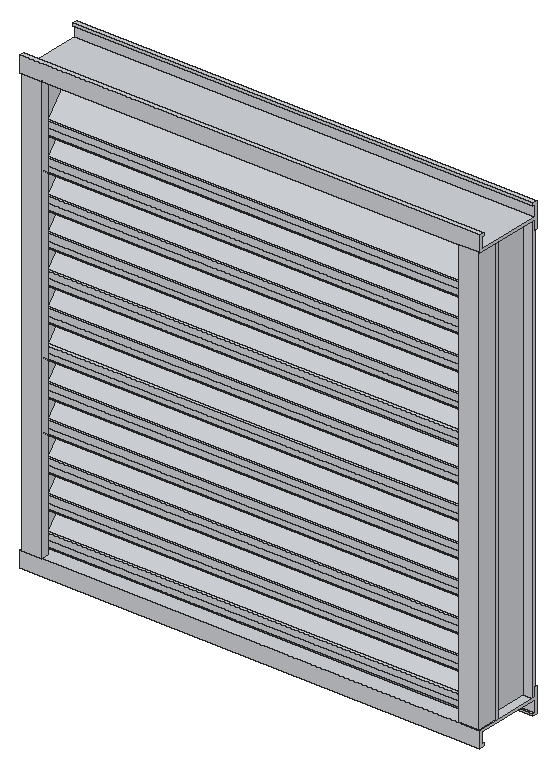
Revit family "FEMA-5WD Assembly", category Generic Models, Revit 2025
Family settings
  Can host rebar = No
  Round Connector Dimension = Use Diameter
  Part Type = Normal
  Work Plane-Based = No
  Always vertical = Yes
  Cut with Voids When Loaded = No
  Maintain Annotation Orientation = No
  Shared = No
  Room Calculation Point = No
Parameters
  Width = 3' - 0"
  Louver Depth = 0' - 5 1/2"
  Height = 3' - 0"
  First Blade Spacing = 0' - 3 3/4"
  Default Elevation = 0' - 0"
  Blade Width = Width - 0' 1 7/8"  # 2' - 10 1/8"
  Blade Spacing = 0' - 2 5/8"
  # of Blades = ((Height - 0' 3 3/4") / Blade Spacing)  # 12
Reference planes (in)
  plane 1 "Center (Front/Back)": y = 0
  plane 2: z = 0
  plane 3 "Center (Left/Right)": x = 0
  plane 4: y = 2.75
  plane 5: y = -2.75
  plane 6: x = -18
  plane 7: x = 18
  plane 8: z = 36
  plane 9: z = 34.75
  plane 10: z = 1.25
  plane 11: x = -16.3125
  plane 12: x = 16.3125
Forms (in)
  Extrusion 1, solid
    sketch origin (40.28533, -23.24727, 0) x (1, 0, 0) y (0, 1, 0)
      loop
        line (-56.59733, 25.80977) -> (-58.28533, 25.80977) -> (-58.28533, 25.62227) -> (-57.53533, 25.62227) -> (-57.53533, 22.24727) -> (-58.16033, 22.24727) -> (-58.28533, 22.24727) -> (-58.28533, 22.05977) -> (-58.16033, 22.05977) -> (-58.16033, 20.49727) -> (-56.59733, 20.49727) -> (-56.59733, 21.05977) -> (-56.78483, 21.05977) -> (-56.78483, 20.68477) -> (-57.34783, 20.68477) -> (-57.34783, 21.05977) -> (-57.53533, 21.05977) -> (-57.53533, 20.68477) -> (-57.97283, 20.68477) -> (-57.97283, 22.05977) -> (-57.34783, 22.05977) -> (-57.34783, 25.62227) -> (-56.78483, 25.62227) -> (-56.78483, 25.24727) -> (-56.59733, 25.24727) -> (-56.59733, 25.80977)
    from 1.25 to 34.75
  Extrusion 2, solid
    sketch origin (-40.28533, -23.24727, 0) x (-1, 0, 0) y (0, -1, 0)
      loop
        line (-56.59733, -25.80977) -> (-56.59733, -25.24727) -> (-56.78483, -25.24727) -> (-56.78483, -25.62227) -> (-57.34783, -25.62227) -> (-57.34783, -22.05977) -> (-57.97283, -22.05977) -> (-57.97283, -20.68477) -> (-57.53533, -20.68477) -> (-57.53533, -21.05977) -> (-57.34783, -21.05977) -> (-57.34783, -20.68477) -> (-56.78483, -20.68477) -> (-56.78483, -21.05977) -> (-56.59733, -21.05977) -> (-56.59733, -20.49727) -> (-58.16033, -20.49727) -> (-58.16033, -22.05977) -> (-58.28533, -22.05977) -> (-58.28533, -22.24727) -> (-58.16033, -22.24727) -> (-57.53533, -22.24727) -> (-57.53533, -25.62227) -> (-58.28533, -25.62227) -> (-58.28533, -25.80977) -> (-56.59733, -25.80977)
    from 1.25 to 34.75
  Extrusion 3, solid
    sketch origin (0, 15.43882, -10.42679) x (0, 1, 0) y (0, 0, 1)
      loop
        line (-12.68882, 44.42679) -> (-12.68882, 45.17679) -> (-12.68882, 46.42679) -> (-13.06382, 46.42679) -> (-13.06382, 46.23929) -> (-12.87632, 46.23929) -> (-12.87632, 45.36429) -> (-18.00132, 45.36429) -> (-18.00132, 46.23929) -> (-17.81382, 46.23929) -> (-17.81382, 46.42679) -> (-18.18882, 46.42679) -> (-18.18882, 45.17679) -> (-12.87632, 45.17679) -> (-12.87632, 44.42679) -> (-12.68882, 44.42679)
    from -18 to 18
  Extrusion 4, solid
    sketch origin (0, 15.43882, 22.42679) x (0, 1, 0) y (0, 0, 1)
      loop
        line (-12.68882, -20.42679) -> (-12.87632, -20.42679) -> (-12.87632, -21.17679) -> (-18.18882, -21.17679) -> (-18.18882, -22.42679) -> (-17.81382, -22.42679) -> (-17.81382, -22.23929) -> (-18.00132, -22.23929) -> (-18.00132, -21.36429) -> (-12.87632, -21.36429) -> (-12.87632, -22.23929) -> (-13.06382, -22.23929) -> (-13.06382, -22.42679) -> (-12.68882, -22.42679) -> (-12.68882, -21.17679) -> (-12.68882, -20.42679)
    from -18 to 18
Dimensions and locks (in)
  equal spacing: plane 6, plane 3 "Center (Left/Right)", plane 7
  "Width": plane 6 to plane 7
  equal spacing: plane 5, plane 1 "Center (Front/Back)", plane 4
  "Louver Depth": plane 5 to plane 4
  "Height": plane 8 to level
  plane 8 to plane 9 = 0' - 1 1/4"
  plane 10 to level = 0' - 1 1/4"
  plane 6 to plane 11 = 0' - 1 11/16"
  plane 12 to plane 7 = 0' - 1 11/16"
  "First Blade Spacing": plane 8 to nested 1
  equal spacing: group 1, group 2, group 3, group 4, group 5, group 6, group 7, group 8, group 9, group 10, group 11, group 12  (x2)
  equal spacing: group 12, group 11, group 10, group 9, group 8, group 7, group 6, group 5, group 4, group 3, group 2, group 1
  "Blade Spacing": nested 2 to nested 1
  aligned and locked: plane 2 to level
  aligned and locked: Extrusion 1 to plane 10
  aligned and locked: plane 9 to Extrusion 1
  aligned and locked: plane 9 to Extrusion 2
  aligned and locked: Extrusion 2 to plane 10
  aligned and locked: Extrusion 3 to plane 6
  aligned and locked: plane 7 to Extrusion 3
  aligned and locked: Extrusion 4 to plane 6
  aligned and locked: plane 7 to Extrusion 4
Automatic sketch dimensions
  Extrusion 1 sketch curve to plane 6 = 0' - 0"  (x2)
  Extrusion 1 sketch curve to Extrusion 1 sketch curve = 0' - 0 1/8"  (x2)
  Extrusion 1 sketch curve to Extrusion 1 sketch curve = 0' - 0 3/16"  (x5)
  Extrusion 1 sketch curve to Extrusion 1 sketch curve = 0' - 0 7/16"  (x2)
  Extrusion 1 sketch curve to plane 11 = 0' - 0.187"  (x2)
  plane 11 to Extrusion 1 sketch curve = 0' - 0.0005"  (x2)
  Extrusion 1 sketch curve to plane 5 = 0' - 0"
  Extrusion 1 sketch curve to Extrusion 1 sketch curve = 0' - 0"  (x3)
  Extrusion 1 sketch curve to Extrusion 1 sketch curve = 0' - 0 3/8"  (x2)
  Extrusion 1 sketch curve to Extrusion 1 sketch curve = 0' - 1"
  Extrusion 1 sketch curve to plane 4 = 0' - 0 3/4"
  Extrusion 1 sketch curve to plane 4 = 0' - 0 3/8"
  Extrusion 1 sketch curve to plane 4 = 0' - 0 3/16"
  Extrusion 2 sketch curve to plane 7 = 0' - 0"  (x2)
  plane 5 to Extrusion 2 sketch curve = 0' - 0"
  Extrusion 2 sketch curve to Extrusion 2 sketch curve = 0' - 0 1/8"  (x2)
  Extrusion 2 sketch curve to Extrusion 2 sketch curve = 0' - 0 3/16"  (x4)
  Extrusion 2 sketch curve to Extrusion 2 sketch curve = 0' - 0 7/16"  (x2)
  Extrusion 2 sketch curve to plane 5 = 0' - 0 3/16"  (x2)
  plane 12 to Extrusion 2 sketch curve = 0' - 0.187"  (x2)
  Extrusion 2 sketch curve to plane 12 = 0' - 0.0005"  (x2)
  Extrusion 2 sketch curve to Extrusion 2 sketch curve = 0' - 0 3/8"  (x2)
  Extrusion 2 sketch curve to Extrusion 2 sketch curve = 0' - 1"
  Extrusion 2 sketch curve to Extrusion 2 sketch curve = 0' - 0"
  Extrusion 2 sketch curve to plane 4 = 0' - 0 3/4"
  Extrusion 2 sketch curve to plane 4 = 0' - 0 3/8"  (x2)
  Extrusion 2 sketch curve to plane 4 = 0' - 0 3/16"
  Extrusion 3 sketch curve to plane 8 = 0' - 1 1/4"
  plane 5 to Extrusion 3 sketch curve = 0' - 0"
  Extrusion 3 sketch curve to Extrusion 3 sketch curve = 0' - 0 3/16"  (x8)
  Extrusion 3 sketch curve to Extrusion 3 sketch curve = 0' - 4 3/4"
  Extrusion 3 sketch curve to Extrusion 3 sketch curve = 0' - 0"
  Extrusion 3 sketch curve to Extrusion 3 sketch curve = 0' - 0 3/4"
  Extrusion 3 sketch curve to Extrusion 3 sketch curve = 0' - 0 7/8"  (x2)
  Extrusion 4 sketch curve to plane 5 = 0' - 0"
  Extrusion 4 sketch curve to plane 4 = 0' - 0"
  Extrusion 4 sketch curve to plane 5 = 0' - 0 3/16"
  Extrusion 4 sketch curve to Extrusion 4 sketch curve = 0' - 0 3/16"  (x4)
  Extrusion 4 sketch curve to plane 4 = 0' - 0 3/8"
  Extrusion 4 sketch curve to plane 4 = 0' - 0 3/16"  (x2)
  Extrusion 4 sketch curve to level = 0' - 0"  (x2)
  Extrusion 4 sketch curve to Extrusion 4 sketch curve = 0' - 0 7/8"
  Extrusion 4 sketch curve to Extrusion 4 sketch curve = 0' - 0"
  Extrusion 4 sketch curve to Extrusion 4 sketch curve = 0' - 0 3/4"
Nested families (in)
  nested 1: "Blade_UNE-1517" at (0, 0, 32.25), type "Blade_UNE-1517"
    with Blade Width 2' - 10 1/8"
  nested 2: "Blade_UNE-1517" at (0, 0, 29.625), type "Blade_UNE-1517"
    with Blade Width 2' - 10 1/8"
  nested 3: "Blade_UNE-1517" at (0, 0, 27), type "Blade_UNE-1517"
    with Blade Width 2' - 10 1/8"
  nested 4: "Blade_UNE-1517" at (0, 0, 24.375), type "Blade_UNE-1517"
    with Blade Width 2' - 10 1/8"
  nested 5: "Blade_UNE-1517" at (0, 0, 21.75), type "Blade_UNE-1517"
    with Blade Width 2' - 10 1/8"
  nested 6: "Blade_UNE-1517" at (0, 0, 19.125), type "Blade_UNE-1517"
    with Blade Width 2' - 10 1/8"
  nested 7: "Blade_UNE-1517" at (0, 0, 16.5), type "Blade_UNE-1517"
    with Blade Width 2' - 10 1/8"
  nested 8: "Blade_UNE-1517" at (0, 0, 13.875), type "Blade_UNE-1517"
    with Blade Width 2' - 10 1/8"
  nested 9: "Blade_UNE-1517" at (0, 0, 11.25), type "Blade_UNE-1517"
    with Blade Width 2' - 10 1/8"
  nested 10: "Blade_UNE-1517" at (0, 0, 8.625), type "Blade_UNE-1517"
    with Blade Width 2' - 10 1/8"
  nested 11: "Blade_UNE-1517" at (0, 0, 6), type "Blade_UNE-1517"
    with Blade Width 2' - 10 1/8"
  nested 12: "Blade_UNE-1517" at (0, 0, 3.375), type "Blade_UNE-1517"
    with Blade Width 2' - 10 1/8"
Definition of nested family "Blade_UNE-1517"
  Parameters
    Default Elevation = 0' - 0"
    Blade Width = 0' - 11 3/4"
  Reference planes (in)
    plane 1 "Center (Front/Back)": y = 0
    plane 2: z = 0
    plane 3 "Center (Left/Right)": x = 0
    plane 4: x = -5.875
    plane 5: x = 5.875
  Forms (in)
    Extrusion 1, solid
      sketch origin (0, 9.13282, -4.6534) x (0, 1, 0) y (0, 0, 1)
        loop
          line (-7.24787, 4.71406) -> (-7.10619, 4.83688) -> (-8.4043, 6.32885)
          arc (-8.4043, 6.32885) -> (-8.76807, 6.40779) -> (-9.05813, 6.17449) r 0.4319
          line (-9.05813, 6.17449) -> (-8.88912, 6.09329)
          arc (-8.88912, 6.09329) -> (-8.53462, 6.19169) -> (-8.48426, 5.82725) r 0.2444
          line (-8.48426, 5.82725) -> (-10.46969, 3.47119) -> (-10.62271, 3.13088)
          arc (-10.62271, 3.13088) -> (-10.66777, 3.08983) -> (-10.72688, 3.07496) r 0.125
          line (-10.72688, 3.07496) -> (-10.82119, 3.07496)
          arc (-10.82119, 3.07496) -> (-10.90958, 3.11158) -> (-10.94619, 3.19996) r 0.125
          line (-10.94619, 3.19996) -> (-10.94619, 3.97718) -> (-11.13369, 3.97718) -> (-11.13369, 3.46201) -> (-11.13369, 3.01246)
          arc (-11.13369, 3.01246) -> (-11.09708, 2.92408) -> (-11.00869, 2.88746) r 0.125
          line (-11.00869, 2.88746) -> (-10.60742, 2.88746)
          arc (-10.60742, 2.88746) -> (-10.53954, 2.90751) -> (-10.49342, 2.9612) r 0.125
          line (-10.49342, 2.9612) -> (-10.30878, 3.37183) -> (-9.8571, 3.94296) -> (-8.50816, 5.51186)
          arc (-8.50816, 5.51186) -> (-8.22457, 5.64238) -> (-7.94046, 5.51301) r 0.375
          line (-7.94046, 5.51301) -> (-7.24787, 4.71406)
      from -5.875 to 5.875
  Lines and regions (in)
    reference lines
      curve 1: line (0, 0, 0) -> (0, 0, 0.40422)
      curve 2: line (0, -0.34063, 0) -> (0, 0, 0)
  Dimensions and locks (in)
    equal spacing: plane 4, plane 3 "Center (Left/Right)", plane 5
    "Blade Width": plane 4 to plane 5
    aligned and locked: plane 2 to level
    aligned and locked: Extrusion 1 to plane 4
    aligned and locked: plane 5 to Extrusion 1
  Automatic sketch dimensions
    curve 2 to level = 0' - 0"
    curve 1 to plane 1 "Center (Front/Back)" = 0' - 0"
    curve 2 to curve 1 = 0' - 0.34063"
    level to curve 1 = 0' - 0.40422"
    Extrusion 1 sketch curve to Extrusion 1 sketch curve = 0' - 0"  (x3)
    plane 1 "Center (Front/Back)" to Extrusion 1 sketch curve = 0' - 2.00087"
    Extrusion 1 sketch curve to Extrusion 1 sketch curve = 0' - 0 1/8"  (x2)
    Extrusion 1 sketch curve to Extrusion 1 sketch curve = 0' - 0 3/16"  (x2)
    Extrusion 1 sketch curve to Extrusion 1 sketch curve = 0' - 0.09431"
    Extrusion 1 sketch curve to Extrusion 1 sketch curve = 0' - 0.10418"
    Extrusion 1 sketch curve to Extrusion 1 sketch curve = 0' - 0.01528"
    Extrusion 1 sketch curve to Extrusion 1 sketch curve = 0' - 0.11401"
    Extrusion 1 sketch curve to Extrusion 1 sketch curve = 0' - 0.15301"
    Extrusion 1 sketch curve to Extrusion 1 sketch curve = 0' - 0.16091"
    plane 1 "Center (Front/Back)" to Extrusion 1 sketch curve = 0' - 0.72429"
    Extrusion 1 sketch curve to plane 1 "Center (Front/Back)" = 0' - 0.07469"
    Extrusion 1 sketch curve to Extrusion 1 sketch curve = 0' - 0.169"
    Extrusion 1 sketch curve to Extrusion 1 sketch curve = 0' - 0.22029"
    Extrusion 1 sketch curve to Extrusion 1 sketch curve = 0' - 0.16067"
    Extrusion 1 sketch curve to Extrusion 1 sketch curve = 0' - 0.18458"
    Extrusion 1 sketch curve to Extrusion 1 sketch curve = 0' - 0.26453"
    Extrusion 1 sketch curve to Extrusion 1 sketch curve = 0' - 0.28435"
    level to Extrusion 1 sketch curve = 0' - 0.85961"
    Extrusion 1 sketch curve to Extrusion 1 sketch curve = 0' - 0.28335"
    level to Extrusion 1 sketch curve = 0' - 0.06066"
    Extrusion 1 sketch curve to Extrusion 1 sketch curve = 0' - 0.69259"
    level to Extrusion 1 sketch curve = 0' - 0.18347"
    Extrusion 1 sketch curve to level = 0' - 0.67623"
    Extrusion 1 sketch curve to level = 0' - 0.71045"
    Extrusion 1 sketch curve to Extrusion 1 sketch curve = 0' - 0.50599"
    Extrusion 1 sketch curve to Extrusion 1 sketch curve = 0' - 0.51517"
    Extrusion 1 sketch curve to Extrusion 1 sketch curve = 0' - 0.09936"
    Extrusion 1 sketch curve to Extrusion 1 sketch curve = 0' - 0.26205"
    Extrusion 1 sketch curve to Extrusion 1 sketch curve = 0' - 0.11842"
    Extrusion 1 sketch curve to Extrusion 1 sketch curve = 0' - 0.24563"
    Extrusion 1 sketch curve to Extrusion 1 sketch curve = 0' - 0.31538"
    Extrusion 1 sketch curve to Extrusion 1 sketch curve = 0' - 0.1602"
    Extrusion 1 sketch curve to Extrusion 1 sketch curve = 0' - 0.0812"
